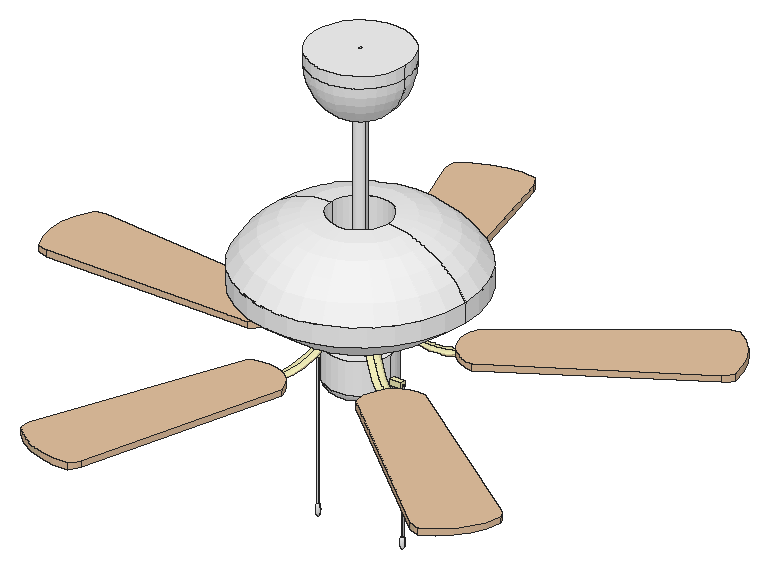
Revit family "Ceiling-Fan_Residential", category Mechanical Equipment, host Ceiling, Revit 2026 (continued)
Automatic sketch dimensions
  Extrusion 28 sketch curve to Extrusion 28 sketch curve = 0' - 1.49917"
  Extrusion 28 sketch curve to Extrusion 28 sketch curve = 0' - 1.69687"
  Extrusion 28 sketch curve to Extrusion 28 sketch curve = 0' - 0.25882"
  Extrusion 28 sketch curve to Extrusion 28 sketch curve = 0' - 0.80572"
  Extrusion 28 sketch curve to Extrusion 28 sketch curve = 0' - 1.54971"
  Extrusion 28 sketch curve to Extrusion 28 sketch curve = 0' - 2.51413"
  Extrusion 28 sketch curve to Extrusion 28 sketch curve = 0' - 1.45029"
  Extrusion 29 sketch curve to Extrusion 29 sketch curve = 0' - 0"  (x3)
  Extrusion 29 sketch curve to Extrusion 29 sketch curve = 0' - 3.73676"
  Extrusion 29 sketch curve to Extrusion 29 sketch curve = 0' - 0.51545"  (x2)
  Extrusion 29 sketch curve to Extrusion 29 sketch curve = 0' - 0.10774"  (x2)
  Extrusion 29 sketch curve to Extrusion 29 sketch curve = 0' - 0.13401"
  Extrusion 29 sketch curve to Extrusion 29 sketch curve = 0' - 0.2174"  (x2)
  Extrusion 29 sketch curve to Extrusion 29 sketch curve = 0' - 0.19724"  (x2)
  Extrusion 29 sketch curve to Extrusion 29 sketch curve = 0' - 0.24955"  (x2)
  Extrusion 29 sketch curve to Extrusion 29 sketch curve = 0' - 0.28841"
  Extrusion 29 sketch curve to Extrusion 29 sketch curve = 0' - 0.29241"  (x2)
  Extrusion 29 sketch curve to Extrusion 29 sketch curve = 0' - 0.39545"
  Extrusion 29 sketch curve to Extrusion 29 sketch curve = 0' - 0.53533"
  Extrusion 29 sketch curve to Extrusion 29 sketch curve = 0' - 0.55751"
  Extrusion 29 sketch curve to Extrusion 29 sketch curve = 0' - 0.43587"
  Extrusion 29 sketch curve to Extrusion 29 sketch curve = 0' - 0.82225"
  Extrusion 29 sketch curve to Extrusion 29 sketch curve = 0' - 0.82378"
  Extrusion 29 sketch curve to Extrusion 29 sketch curve = 0' - 0.4251"
  Extrusion 29 sketch curve to Extrusion 29 sketch curve = 0' - 0.42664"
  Extrusion 29 sketch curve to Extrusion 29 sketch curve = 1' - 8.8809"
  Extrusion 29 sketch curve to Extrusion 29 sketch curve = 0' - 8.92457"
  Extrusion 29 sketch curve to Extrusion 29 sketch curve = 0' - 0.19469"
  Extrusion 29 sketch curve to Extrusion 29 sketch curve = 0' - 0.28395"
  Extrusion 29 sketch curve to Extrusion 29 sketch curve = 0' - 0.58905"
  Extrusion 29 sketch curve to Extrusion 29 sketch curve = 0' - 0.3598"
  Extrusion 29 sketch curve to Extrusion 29 sketch curve = 0' - 0.82935"
  Extrusion 29 sketch curve to Extrusion 29 sketch curve = 0' - 0.76103"
  Extrusion 29 sketch curve to Extrusion 29 sketch curve = 0' - 0.00067"
  Extrusion 29 sketch curve to Extrusion 29 sketch curve = 0' - 0.34414"
  Sweep 30 sketch curve to Sweep 30 sketch curve = 0' - 0.84213"
  Sweep 30 sketch curve to Sweep 30 sketch curve = 0' - 5.06505"
  Sweep 30 sketch curve to Sweep 30 sketch curve = 0' - 5.17371"
  Sweep 30 sketch curve to profile plane = 0' - 0"  (x2)
  profile plane to Sweep 30 sketch curve = 0' - 0.12404"
  Extrusion 31 sketch curve to Extrusion 31 sketch curve = 0' - 0"
  Extrusion 31 sketch curve to Extrusion 31 sketch curve = 0' - 0 29/32"  (x2)
  Extrusion 31 sketch curve to Extrusion 31 sketch curve = 0' - 0.96593"  (x2)
  Extrusion 31 sketch curve to Extrusion 31 sketch curve = 0' - 4.71441"
  Extrusion 31 sketch curve to Extrusion 31 sketch curve = 1' - 4.9189"
  Extrusion 31 sketch curve to Extrusion 31 sketch curve = 0' - 1.49917"
  Extrusion 31 sketch curve to Extrusion 31 sketch curve = 0' - 1.69687"
  Extrusion 31 sketch curve to Extrusion 31 sketch curve = 0' - 0.25882"
  Extrusion 31 sketch curve to Extrusion 31 sketch curve = 0' - 0.80572"
  Extrusion 31 sketch curve to Extrusion 31 sketch curve = 0' - 1.54971"
  Extrusion 31 sketch curve to Extrusion 31 sketch curve = 0' - 2.51413"
  Extrusion 31 sketch curve to Extrusion 31 sketch curve = 0' - 1.45029"
  Extrusion 32 sketch curve to Extrusion 32 sketch curve = 0' - 0"  (x3)
  Extrusion 32 sketch curve to Extrusion 32 sketch curve = 0' - 3.73676"
  Extrusion 32 sketch curve to Extrusion 32 sketch curve = 0' - 0.51545"  (x2)
  Extrusion 32 sketch curve to Extrusion 32 sketch curve = 0' - 0.10774"  (x2)
  Extrusion 32 sketch curve to Extrusion 32 sketch curve = 0' - 0.13401"
  Extrusion 32 sketch curve to Extrusion 32 sketch curve = 0' - 0.2174"  (x2)
  Extrusion 32 sketch curve to Extrusion 32 sketch curve = 0' - 0.19724"  (x2)
  Extrusion 32 sketch curve to Extrusion 32 sketch curve = 0' - 0.24955"  (x2)
  Extrusion 32 sketch curve to Extrusion 32 sketch curve = 0' - 0.28841"
  Extrusion 32 sketch curve to Extrusion 32 sketch curve = 0' - 0.29241"  (x2)
  Extrusion 32 sketch curve to Extrusion 32 sketch curve = 0' - 0.39545"
  Extrusion 32 sketch curve to Extrusion 32 sketch curve = 0' - 0.53533"
  Extrusion 32 sketch curve to Extrusion 32 sketch curve = 0' - 0.55751"
  Extrusion 32 sketch curve to Extrusion 32 sketch curve = 0' - 0.43587"
  Extrusion 32 sketch curve to Extrusion 32 sketch curve = 0' - 0.82225"
  Extrusion 32 sketch curve to Extrusion 32 sketch curve = 0' - 0.82378"
  Extrusion 32 sketch curve to Extrusion 32 sketch curve = 0' - 0.4251"
  Extrusion 32 sketch curve to Extrusion 32 sketch curve = 0' - 0.42664"
  Extrusion 32 sketch curve to Extrusion 32 sketch curve = 1' - 8.8809"
  Extrusion 32 sketch curve to Extrusion 32 sketch curve = 0' - 8.92457"
  Extrusion 32 sketch curve to Extrusion 32 sketch curve = 0' - 0.19469"
  Extrusion 32 sketch curve to Extrusion 32 sketch curve = 0' - 0.28395"
  Extrusion 32 sketch curve to Extrusion 32 sketch curve = 0' - 0.58905"
  Extrusion 32 sketch curve to Extrusion 32 sketch curve = 0' - 0.3598"
  Extrusion 32 sketch curve to Extrusion 32 sketch curve = 0' - 0.82935"
  Extrusion 32 sketch curve to Extrusion 32 sketch curve = 0' - 0.76103"
  Extrusion 32 sketch curve to Extrusion 32 sketch curve = 0' - 0.00067"
  Extrusion 32 sketch curve to Extrusion 32 sketch curve = 0' - 0.34414"
  Sweep 33 sketch curve to Sweep 33 sketch curve = 0' - 0.84213"
  Sweep 33 sketch curve to Sweep 33 sketch curve = 0' - 5.06505"
  Sweep 33 sketch curve to Sweep 33 sketch curve = 0' - 5.17371"
  Sweep 33 sketch curve to profile plane = 0' - 0"  (x2)
  profile plane to Sweep 33 sketch curve = 0' - 0.12404"
  Extrusion 34 sketch curve to Extrusion 34 sketch curve = 0' - 0"
  Extrusion 34 sketch curve to Extrusion 34 sketch curve = 0' - 0 29/32"  (x2)
  Extrusion 34 sketch curve to Extrusion 34 sketch curve = 0' - 0.96593"  (x2)
  Extrusion 34 sketch curve to Extrusion 34 sketch curve = 0' - 4.71441"
  Extrusion 34 sketch curve to Extrusion 34 sketch curve = 1' - 4.9189"
  Extrusion 34 sketch curve to Extrusion 34 sketch curve = 0' - 1.49917"
  Extrusion 34 sketch curve to Extrusion 34 sketch curve = 0' - 1.69687"
  Extrusion 34 sketch curve to Extrusion 34 sketch curve = 0' - 0.25882"
  Extrusion 34 sketch curve to Extrusion 34 sketch curve = 0' - 0.80572"
  Extrusion 34 sketch curve to Extrusion 34 sketch curve = 0' - 1.54971"
  Extrusion 34 sketch curve to Extrusion 34 sketch curve = 0' - 2.51413"
  Extrusion 34 sketch curve to Extrusion 34 sketch curve = 0' - 1.45029"
  Extrusion 35 sketch curve to Extrusion 35 sketch curve = 0' - 0"  (x3)
  Extrusion 35 sketch curve to Extrusion 35 sketch curve = 0' - 3.73676"
  Extrusion 35 sketch curve to Extrusion 35 sketch curve = 0' - 0.51545"  (x2)
  Extrusion 35 sketch curve to Extrusion 35 sketch curve = 0' - 0.10774"  (x2)
  Extrusion 35 sketch curve to Extrusion 35 sketch curve = 0' - 0.13401"
  Extrusion 35 sketch curve to Extrusion 35 sketch curve = 0' - 0.2174"  (x2)
  Extrusion 35 sketch curve to Extrusion 35 sketch curve = 0' - 0.19724"  (x2)
  Extrusion 35 sketch curve to Extrusion 35 sketch curve = 0' - 0.24955"  (x2)
  Extrusion 35 sketch curve to Extrusion 35 sketch curve = 0' - 0.28841"
  Extrusion 35 sketch curve to Extrusion 35 sketch curve = 0' - 0.29241"  (x2)
  Extrusion 35 sketch curve to Extrusion 35 sketch curve = 0' - 0.39545"
  Extrusion 35 sketch curve to Extrusion 35 sketch curve = 0' - 0.53533"
  Extrusion 35 sketch curve to Extrusion 35 sketch curve = 0' - 0.55751"
  Extrusion 35 sketch curve to Extrusion 35 sketch curve = 0' - 0.43587"
  Extrusion 35 sketch curve to Extrusion 35 sketch curve = 0' - 0.82225"
  Extrusion 35 sketch curve to Extrusion 35 sketch curve = 0' - 0.82378"
  Extrusion 35 sketch curve to Extrusion 35 sketch curve = 0' - 0.4251"
  Extrusion 35 sketch curve to Extrusion 35 sketch curve = 0' - 0.42664"
  Extrusion 35 sketch curve to Extrusion 35 sketch curve = 1' - 8.8809"
  Extrusion 35 sketch curve to Extrusion 35 sketch curve = 0' - 8.92457"
  Extrusion 35 sketch curve to Extrusion 35 sketch curve = 0' - 0.19469"
  Extrusion 35 sketch curve to Extrusion 35 sketch curve = 0' - 0.28395"
  Extrusion 35 sketch curve to Extrusion 35 sketch curve = 0' - 0.58905"
  Extrusion 35 sketch curve to Extrusion 35 sketch curve = 0' - 0.3598"
  Extrusion 35 sketch curve to Extrusion 35 sketch curve = 0' - 0.82935"
  Extrusion 35 sketch curve to Extrusion 35 sketch curve = 0' - 0.76103"
  Extrusion 35 sketch curve to Extrusion 35 sketch curve = 0' - 0.00067"
  Extrusion 35 sketch curve to Extrusion 35 sketch curve = 0' - 0.34414"
  Sweep 36 sketch curve to Sweep 36 sketch curve = 0' - 0.84213"
  Sweep 36 sketch curve to Sweep 36 sketch curve = 0' - 5.06505"
  Sweep 36 sketch curve to Sweep 36 sketch curve = 0' - 5.17371"
  Sweep 36 sketch curve to profile plane = 0' - 0"  (x2)
  profile plane to Sweep 36 sketch curve = 0' - 0.12404"
  Extrusion 37 sketch curve to Extrusion 37 sketch curve = 0' - 0"
  Extrusion 37 sketch curve to Extrusion 37 sketch curve = 0' - 0 29/32"  (x2)
  Extrusion 37 sketch curve to Extrusion 37 sketch curve = 0' - 0.96593"  (x2)
  Extrusion 37 sketch curve to Extrusion 37 sketch curve = 0' - 4.71441"
  Extrusion 37 sketch curve to Extrusion 37 sketch curve = 1' - 4.9189"
  Extrusion 37 sketch curve to Extrusion 37 sketch curve = 0' - 1.49917"
  Extrusion 37 sketch curve to Extrusion 37 sketch curve = 0' - 1.69687"
  Extrusion 37 sketch curve to Extrusion 37 sketch curve = 0' - 0.25882"
  Extrusion 37 sketch curve to Extrusion 37 sketch curve = 0' - 0.80572"
  Extrusion 37 sketch curve to Extrusion 37 sketch curve = 0' - 1.54971"
  Extrusion 37 sketch curve to Extrusion 37 sketch curve = 0' - 2.51413"
  Extrusion 37 sketch curve to Extrusion 37 sketch curve = 0' - 1.45029"
  Extrusion 38 sketch curve to Extrusion 38 sketch curve = 0' - 0"  (x3)
  Extrusion 38 sketch curve to Extrusion 38 sketch curve = 0' - 3.73676"
  Extrusion 38 sketch curve to Extrusion 38 sketch curve = 0' - 0.51545"  (x2)
  Extrusion 38 sketch curve to Extrusion 38 sketch curve = 0' - 0.10774"  (x2)
  Extrusion 38 sketch curve to Extrusion 38 sketch curve = 0' - 0.13401"
  Extrusion 38 sketch curve to Extrusion 38 sketch curve = 0' - 0.2174"  (x2)
  Extrusion 38 sketch curve to Extrusion 38 sketch curve = 0' - 0.19724"  (x2)
  Extrusion 38 sketch curve to Extrusion 38 sketch curve = 0' - 0.24955"  (x2)
  Extrusion 38 sketch curve to Extrusion 38 sketch curve = 0' - 0.28841"
  Extrusion 38 sketch curve to Extrusion 38 sketch curve = 0' - 0.29241"  (x2)
  Extrusion 38 sketch curve to Extrusion 38 sketch curve = 0' - 0.39545"
  Extrusion 38 sketch curve to Extrusion 38 sketch curve = 0' - 0.53533"
  Extrusion 38 sketch curve to Extrusion 38 sketch curve = 0' - 0.55751"
  Extrusion 38 sketch curve to Extrusion 38 sketch curve = 0' - 0.43587"
  Extrusion 38 sketch curve to Extrusion 38 sketch curve = 0' - 0.82225"
  Extrusion 38 sketch curve to Extrusion 38 sketch curve = 0' - 0.82378"
  Extrusion 38 sketch curve to Extrusion 38 sketch curve = 0' - 0.4251"
  Extrusion 38 sketch curve to Extrusion 38 sketch curve = 0' - 0.42664"
  Extrusion 38 sketch curve to Extrusion 38 sketch curve = 1' - 8.8809"
  Extrusion 38 sketch curve to Extrusion 38 sketch curve = 0' - 8.92457"
  Extrusion 38 sketch curve to Extrusion 38 sketch curve = 0' - 0.19469"
  Extrusion 38 sketch curve to Extrusion 38 sketch curve = 0' - 0.28395"
  Extrusion 38 sketch curve to Extrusion 38 sketch curve = 0' - 0.58905"
  Extrusion 38 sketch curve to Extrusion 38 sketch curve = 0' - 0.3598"
  Extrusion 38 sketch curve to Extrusion 38 sketch curve = 0' - 0.82935"
  Extrusion 38 sketch curve to Extrusion 38 sketch curve = 0' - 0.76103"
  Extrusion 38 sketch curve to Extrusion 38 sketch curve = 0' - 0.00067"
  Extrusion 38 sketch curve to Extrusion 38 sketch curve = 0' - 0.34414"
  Sweep 39 sketch curve to Sweep 39 sketch curve = 0' - 0.84213"
  Sweep 39 sketch curve to Sweep 39 sketch curve = 0' - 5.06505"
  Sweep 39 sketch curve to Sweep 39 sketch curve = 0' - 5.17371"
  Sweep 39 sketch curve to profile plane = 0' - 0"  (x2)
  profile plane to Sweep 39 sketch curve = 0' - 0.12404"
  Extrusion 40 sketch curve to Extrusion 40 sketch curve = 0' - 0"
  Extrusion 40 sketch curve to Extrusion 40 sketch curve = 0' - 0 29/32"  (x2)
  Extrusion 40 sketch curve to Extrusion 40 sketch curve = 0' - 0.96593"  (x2)
  Extrusion 40 sketch curve to Extrusion 40 sketch curve = 0' - 4.71441"
  Extrusion 40 sketch curve to Extrusion 40 sketch curve = 1' - 4.9189"
  Extrusion 40 sketch curve to Extrusion 40 sketch curve = 0' - 1.49917"
  Extrusion 40 sketch curve to Extrusion 40 sketch curve = 0' - 1.69687"
  Extrusion 40 sketch curve to Extrusion 40 sketch curve = 0' - 0.25882"
  Extrusion 40 sketch curve to Extrusion 40 sketch curve = 0' - 0.80572"
  Extrusion 40 sketch curve to Extrusion 40 sketch curve = 0' - 1.54971"
  Extrusion 40 sketch curve to Extrusion 40 sketch curve = 0' - 2.51413"
  Extrusion 40 sketch curve to Extrusion 40 sketch curve = 0' - 1.45029"
  Extrusion 41 sketch curve to Extrusion 41 sketch curve = 0' - 0"  (x3)
  Extrusion 41 sketch curve to Extrusion 41 sketch curve = 0' - 3.73676"
  Extrusion 41 sketch curve to Extrusion 41 sketch curve = 0' - 0.51545"  (x2)
  Extrusion 41 sketch curve to Extrusion 41 sketch curve = 0' - 0.10774"  (x2)
  Extrusion 41 sketch curve to Extrusion 41 sketch curve = 0' - 0.13401"
  Extrusion 41 sketch curve to Extrusion 41 sketch curve = 0' - 0.2174"  (x2)
  Extrusion 41 sketch curve to Extrusion 41 sketch curve = 0' - 0.19724"  (x2)
  Extrusion 41 sketch curve to Extrusion 41 sketch curve = 0' - 0.24955"  (x2)
  Extrusion 41 sketch curve to Extrusion 41 sketch curve = 0' - 0.28841"
  Extrusion 41 sketch curve to Extrusion 41 sketch curve = 0' - 0.29241"  (x2)
  Extrusion 41 sketch curve to Extrusion 41 sketch curve = 0' - 0.39545"
  Extrusion 41 sketch curve to Extrusion 41 sketch curve = 0' - 0.53533"
  Extrusion 41 sketch curve to Extrusion 41 sketch curve = 0' - 0.55751"
  Extrusion 41 sketch curve to Extrusion 41 sketch curve = 0' - 0.43587"
  Extrusion 41 sketch curve to Extrusion 41 sketch curve = 0' - 0.82225"
  Extrusion 41 sketch curve to Extrusion 41 sketch curve = 0' - 0.82378"
  Extrusion 41 sketch curve to Extrusion 41 sketch curve = 0' - 0.4251"
  Extrusion 41 sketch curve to Extrusion 41 sketch curve = 0' - 0.42664"
  Extrusion 41 sketch curve to Extrusion 41 sketch curve = 1' - 8.8809"
  Extrusion 41 sketch curve to Extrusion 41 sketch curve = 0' - 8.92457"
  Extrusion 41 sketch curve to Extrusion 41 sketch curve = 0' - 0.19469"
  Extrusion 41 sketch curve to Extrusion 41 sketch curve = 0' - 0.28395"
  Extrusion 41 sketch curve to Extrusion 41 sketch curve = 0' - 0.58905"
  Extrusion 41 sketch curve to Extrusion 41 sketch curve = 0' - 0.3598"
  Extrusion 41 sketch curve to Extrusion 41 sketch curve = 0' - 0.82935"
  Extrusion 41 sketch curve to Extrusion 41 sketch curve = 0' - 0.76103"
  Extrusion 41 sketch curve to Extrusion 41 sketch curve = 0' - 0.00067"
  Extrusion 41 sketch curve to Extrusion 41 sketch curve = 0' - 0.34414"
  Sweep 42 sketch curve to Sweep 42 sketch curve = 0' - 0.84213"
  Sweep 42 sketch curve to Sweep 42 sketch curve = 0' - 5.06505"
  Sweep 42 sketch curve to Sweep 42 sketch curve = 0' - 5.17371"
  Sweep 42 sketch curve to profile plane = 0' - 0"  (x2)
  profile plane to Sweep 42 sketch curve = 0' - 0.12404"
  profile plane to Sweep 43 sketch curve = 5' - 11.5696"
  Extrusion 45 sketch curve to Extrusion 45 sketch curve = 0' - 2.74091"
  Extrusion 45 sketch curve to Extrusion 45 sketch curve = 0' - 0"
  Extrusion 45 sketch curve to Extrusion 45 sketch curve = 0' - 0.22336"
  Extrusion 48 sketch curve to Extrusion 48 sketch curve = 0' - 2.74091"
  Extrusion 48 sketch curve to Extrusion 48 sketch curve = 0' - 0"
  Extrusion 48 sketch curve to Extrusion 48 sketch curve = 0' - 0.22336"
  Extrusion 51 sketch curve to Extrusion 51 sketch curve = 0' - 0"
  Extrusion 51 sketch curve to Extrusion 51 sketch curve = 0' - 0 29/32"  (x2)
  Extrusion 51 sketch curve to Extrusion 51 sketch curve = 0' - 0.96593"  (x2)
  Extrusion 51 sketch curve to Extrusion 51 sketch curve = 0' - 4.71441"
  Extrusion 51 sketch curve to Extrusion 51 sketch curve = 1' - 4.9189"
  Extrusion 51 sketch curve to Extrusion 51 sketch curve = 0' - 1.49917"
  Extrusion 51 sketch curve to Extrusion 51 sketch curve = 0' - 1.69687"
  Extrusion 51 sketch curve to Extrusion 51 sketch curve = 0' - 0.25882"
  Extrusion 51 sketch curve to Extrusion 51 sketch curve = 0' - 0.80572"
  Extrusion 51 sketch curve to Extrusion 51 sketch curve = 0' - 1.54971"
  Extrusion 51 sketch curve to Extrusion 51 sketch curve = 0' - 2.51413"
  Extrusion 51 sketch curve to Extrusion 51 sketch curve = 0' - 1.45029"
  Extrusion 52 sketch curve to Extrusion 52 sketch curve = 0' - 0"  (x3)
  Extrusion 52 sketch curve to Extrusion 52 sketch curve = 0' - 3.73676"
  Extrusion 52 sketch curve to Extrusion 52 sketch curve = 0' - 0.51545"  (x2)
  Extrusion 52 sketch curve to Extrusion 52 sketch curve = 0' - 0.10774"  (x2)
  Extrusion 52 sketch curve to Extrusion 52 sketch curve = 0' - 0.13401"
  Extrusion 52 sketch curve to Extrusion 52 sketch curve = 0' - 0.2174"  (x2)
  Extrusion 52 sketch curve to Extrusion 52 sketch curve = 0' - 0.19724"  (x2)
  Extrusion 52 sketch curve to Extrusion 52 sketch curve = 0' - 0.24955"  (x2)
  Extrusion 52 sketch curve to Extrusion 52 sketch curve = 0' - 0.28841"
  Extrusion 52 sketch curve to Extrusion 52 sketch curve = 0' - 0.29241"  (x2)
  Extrusion 52 sketch curve to Extrusion 52 sketch curve = 0' - 0.39545"
  Extrusion 52 sketch curve to Extrusion 52 sketch curve = 0' - 0.53533"
  Extrusion 52 sketch curve to Extrusion 52 sketch curve = 0' - 0.55751"
  Extrusion 52 sketch curve to Extrusion 52 sketch curve = 0' - 0.43587"
  Extrusion 52 sketch curve to Extrusion 52 sketch curve = 0' - 0.82225"
  Extrusion 52 sketch curve to Extrusion 52 sketch curve = 0' - 0.82378"
  Extrusion 52 sketch curve to Extrusion 52 sketch curve = 0' - 0.4251"
  Extrusion 52 sketch curve to Extrusion 52 sketch curve = 0' - 0.42664"
  Extrusion 52 sketch curve to Extrusion 52 sketch curve = 1' - 8.8809"
  Extrusion 52 sketch curve to Extrusion 52 sketch curve = 0' - 8.92457"
  Extrusion 52 sketch curve to Extrusion 52 sketch curve = 0' - 0.19469"
  Extrusion 52 sketch curve to Extrusion 52 sketch curve = 0' - 0.28395"
  Extrusion 52 sketch curve to Extrusion 52 sketch curve = 0' - 0.58905"
  Extrusion 52 sketch curve to Extrusion 52 sketch curve = 0' - 0.3598"
  Extrusion 52 sketch curve to Extrusion 52 sketch curve = 0' - 0.82935"
  Extrusion 52 sketch curve to Extrusion 52 sketch curve = 0' - 0.76103"
  Extrusion 52 sketch curve to Extrusion 52 sketch curve = 0' - 0.00067"
  Extrusion 52 sketch curve to Extrusion 52 sketch curve = 0' - 0.34414"
  Sweep 53 sketch curve to Sweep 53 sketch curve = 0' - 0.84213"
  Sweep 53 sketch curve to Sweep 53 sketch curve = 0' - 5.06505"
  Sweep 53 sketch curve to Sweep 53 sketch curve = 0' - 5.17371"
  Sweep 53 sketch curve to profile plane = 0' - 0"  (x2)
  profile plane to Sweep 53 sketch curve = 0' - 0.12404"
  Extrusion 54 sketch curve to Extrusion 54 sketch curve = 0' - 0"
  Extrusion 54 sketch curve to Extrusion 54 sketch curve = 0' - 0 29/32"  (x2)
  Extrusion 54 sketch curve to Extrusion 54 sketch curve = 0' - 0.96593"  (x2)
  Extrusion 54 sketch curve to Extrusion 54 sketch curve = 0' - 4.71441"
  Extrusion 54 sketch curve to Extrusion 54 sketch curve = 1' - 4.9189"
  Extrusion 54 sketch curve to Extrusion 54 sketch curve = 0' - 1.49917"
  Extrusion 54 sketch curve to Extrusion 54 sketch curve = 0' - 1.69687"
  Extrusion 54 sketch curve to Extrusion 54 sketch curve = 0' - 0.25882"
  Extrusion 54 sketch curve to Extrusion 54 sketch curve = 0' - 0.80572"
  Extrusion 54 sketch curve to Extrusion 54 sketch curve = 0' - 1.54971"
  Extrusion 54 sketch curve to Extrusion 54 sketch curve = 0' - 2.51413"
  Extrusion 54 sketch curve to Extrusion 54 sketch curve = 0' - 1.45029"
  Extrusion 55 sketch curve to Extrusion 55 sketch curve = 0' - 0"  (x3)
  Extrusion 55 sketch curve to Extrusion 55 sketch curve = 0' - 3.73676"
  Extrusion 55 sketch curve to Extrusion 55 sketch curve = 0' - 0.51545"  (x2)
  Extrusion 55 sketch curve to Extrusion 55 sketch curve = 0' - 0.10774"  (x2)
  Extrusion 55 sketch curve to Extrusion 55 sketch curve = 0' - 0.13401"
  Extrusion 55 sketch curve to Extrusion 55 sketch curve = 0' - 0.2174"  (x2)
  Extrusion 55 sketch curve to Extrusion 55 sketch curve = 0' - 0.19724"  (x2)
  Extrusion 55 sketch curve to Extrusion 55 sketch curve = 0' - 0.24955"  (x2)
  Extrusion 55 sketch curve to Extrusion 55 sketch curve = 0' - 0.28841"
  Extrusion 55 sketch curve to Extrusion 55 sketch curve = 0' - 0.29241"  (x2)
  Extrusion 55 sketch curve to Extrusion 55 sketch curve = 0' - 0.39545"
  Extrusion 55 sketch curve to Extrusion 55 sketch curve = 0' - 0.53533"
  Extrusion 55 sketch curve to Extrusion 55 sketch curve = 0' - 0.55751"
  Extrusion 55 sketch curve to Extrusion 55 sketch curve = 0' - 0.43587"
  Extrusion 55 sketch curve to Extrusion 55 sketch curve = 0' - 0.82225"
  Extrusion 55 sketch curve to Extrusion 55 sketch curve = 0' - 0.82378"
  Extrusion 55 sketch curve to Extrusion 55 sketch curve = 0' - 0.4251"
  Extrusion 55 sketch curve to Extrusion 55 sketch curve = 0' - 0.42664"
  Extrusion 55 sketch curve to Extrusion 55 sketch curve = 1' - 8.8809"
  Extrusion 55 sketch curve to Extrusion 55 sketch curve = 0' - 8.92457"
  Extrusion 55 sketch curve to Extrusion 55 sketch curve = 0' - 0.19469"
  Extrusion 55 sketch curve to Extrusion 55 sketch curve = 0' - 0.28395"
  Extrusion 55 sketch curve to Extrusion 55 sketch curve = 0' - 0.58905"
  Extrusion 55 sketch curve to Extrusion 55 sketch curve = 0' - 0.3598"
  Extrusion 55 sketch curve to Extrusion 55 sketch curve = 0' - 0.82935"
  Extrusion 55 sketch curve to Extrusion 55 sketch curve = 0' - 0.76103"
  Extrusion 55 sketch curve to Extrusion 55 sketch curve = 0' - 0.00067"
  Extrusion 55 sketch curve to Extrusion 55 sketch curve = 0' - 0.34414"
  Sweep 56 sketch curve to Sweep 56 sketch curve = 0' - 0.84213"
  Sweep 56 sketch curve to Sweep 56 sketch curve = 0' - 5.06505"
  Sweep 56 sketch curve to Sweep 56 sketch curve = 0' - 5.17371"
  Sweep 56 sketch curve to profile plane = 0' - 0"  (x2)
  profile plane to Sweep 56 sketch curve = 0' - 0.12404"
  Extrusion 57 sketch curve to Extrusion 57 sketch curve = 0' - 0"
  Extrusion 57 sketch curve to Extrusion 57 sketch curve = 0' - 0 29/32"  (x2)
  Extrusion 57 sketch curve to Extrusion 57 sketch curve = 0' - 0.96593"  (x2)
  Extrusion 57 sketch curve to Extrusion 57 sketch curve = 0' - 4.71441"
  Extrusion 57 sketch curve to Extrusion 57 sketch curve = 1' - 4.9189"
  Extrusion 57 sketch curve to Extrusion 57 sketch curve = 0' - 1.49917"
  Extrusion 57 sketch curve to Extrusion 57 sketch curve = 0' - 1.69687"
  Extrusion 57 sketch curve to Extrusion 57 sketch curve = 0' - 0.25882"
  Extrusion 57 sketch curve to Extrusion 57 sketch curve = 0' - 0.80572"
  Extrusion 57 sketch curve to Extrusion 57 sketch curve = 0' - 1.54971"
  Extrusion 57 sketch curve to Extrusion 57 sketch curve = 0' - 2.51413"
  Extrusion 57 sketch curve to Extrusion 57 sketch curve = 0' - 1.45029"
  Extrusion 58 sketch curve to Extrusion 58 sketch curve = 0' - 0"  (x3)
  Extrusion 58 sketch curve to Extrusion 58 sketch curve = 0' - 3.73676"
  Extrusion 58 sketch curve to Extrusion 58 sketch curve = 0' - 0.51545"  (x2)
  Extrusion 58 sketch curve to Extrusion 58 sketch curve = 0' - 0.10774"  (x2)
  Extrusion 58 sketch curve to Extrusion 58 sketch curve = 0' - 0.13401"
  Extrusion 58 sketch curve to Extrusion 58 sketch curve = 0' - 0.2174"  (x2)
  Extrusion 58 sketch curve to Extrusion 58 sketch curve = 0' - 0.19724"  (x2)
  Extrusion 58 sketch curve to Extrusion 58 sketch curve = 0' - 0.24955"  (x2)
  Extrusion 58 sketch curve to Extrusion 58 sketch curve = 0' - 0.28841"
  Extrusion 58 sketch curve to Extrusion 58 sketch curve = 0' - 0.29241"  (x2)
  Extrusion 58 sketch curve to Extrusion 58 sketch curve = 0' - 0.39545"
  Extrusion 58 sketch curve to Extrusion 58 sketch curve = 0' - 0.53533"
  Extrusion 58 sketch curve to Extrusion 58 sketch curve = 0' - 0.55751"
  Extrusion 58 sketch curve to Extrusion 58 sketch curve = 0' - 0.43587"
  Extrusion 58 sketch curve to Extrusion 58 sketch curve = 0' - 0.82225"
  Extrusion 58 sketch curve to Extrusion 58 sketch curve = 0' - 0.82378"
  Extrusion 58 sketch curve to Extrusion 58 sketch curve = 0' - 0.4251"
  Extrusion 58 sketch curve to Extrusion 58 sketch curve = 0' - 0.42664"
  Extrusion 58 sketch curve to Extrusion 58 sketch curve = 1' - 8.8809"
  Extrusion 58 sketch curve to Extrusion 58 sketch curve = 0' - 8.92457"
  Extrusion 58 sketch curve to Extrusion 58 sketch curve = 0' - 0.19469"
  Extrusion 58 sketch curve to Extrusion 58 sketch curve = 0' - 0.28395"
  Extrusion 58 sketch curve to Extrusion 58 sketch curve = 0' - 0.58905"
  Extrusion 58 sketch curve to Extrusion 58 sketch curve = 0' - 0.3598"
  Extrusion 58 sketch curve to Extrusion 58 sketch curve = 0' - 0.82935"
  Extrusion 58 sketch curve to Extrusion 58 sketch curve = 0' - 0.76103"
  Extrusion 58 sketch curve to Extrusion 58 sketch curve = 0' - 0.00067"
  Extrusion 58 sketch curve to Extrusion 58 sketch curve = 0' - 0.34414"
  Sweep 59 sketch curve to Sweep 59 sketch curve = 0' - 0.84213"
  Sweep 59 sketch curve to Sweep 59 sketch curve = 0' - 5.06505"
  Sweep 59 sketch curve to Sweep 59 sketch curve = 0' - 5.17371"
  Sweep 59 sketch curve to profile plane = 0' - 0"  (x2)
  profile plane to Sweep 59 sketch curve = 0' - 0.12404"
  Extrusion 60 sketch curve to Extrusion 60 sketch curve = 0' - 0"
  Extrusion 60 sketch curve to Extrusion 60 sketch curve = 0' - 0 29/32"  (x2)
  Extrusion 60 sketch curve to Extrusion 60 sketch curve = 0' - 0.96593"  (x2)
  Extrusion 60 sketch curve to Extrusion 60 sketch curve = 0' - 4.71441"
  Extrusion 60 sketch curve to Extrusion 60 sketch curve = 1' - 4.9189"
  Extrusion 60 sketch curve to Extrusion 60 sketch curve = 0' - 1.49917"
  Extrusion 60 sketch curve to Extrusion 60 sketch curve = 0' - 1.69687"
  Extrusion 60 sketch curve to Extrusion 60 sketch curve = 0' - 0.25882"
  Extrusion 60 sketch curve to Extrusion 60 sketch curve = 0' - 0.80572"
  Extrusion 60 sketch curve to Extrusion 60 sketch curve = 0' - 1.54971"
  Extrusion 60 sketch curve to Extrusion 60 sketch curve = 0' - 2.51413"
  Extrusion 60 sketch curve to Extrusion 60 sketch curve = 0' - 1.45029"
  Extrusion 61 sketch curve to Extrusion 61 sketch curve = 0' - 0"  (x3)
  Extrusion 61 sketch curve to Extrusion 61 sketch curve = 0' - 3.73676"
  Extrusion 61 sketch curve to Extrusion 61 sketch curve = 0' - 0.51545"  (x2)
  Extrusion 61 sketch curve to Extrusion 61 sketch curve = 0' - 0.10774"  (x2)
  Extrusion 61 sketch curve to Extrusion 61 sketch curve = 0' - 0.13401"
  Extrusion 61 sketch curve to Extrusion 61 sketch curve = 0' - 0.2174"  (x2)
  Extrusion 61 sketch curve to Extrusion 61 sketch curve = 0' - 0.19724"  (x2)
  Extrusion 61 sketch curve to Extrusion 61 sketch curve = 0' - 0.24955"  (x2)
  Extrusion 61 sketch curve to Extrusion 61 sketch curve = 0' - 0.28841"
  Extrusion 61 sketch curve to Extrusion 61 sketch curve = 0' - 0.29241"  (x2)
  Extrusion 61 sketch curve to Extrusion 61 sketch curve = 0' - 0.39545"
  Extrusion 61 sketch curve to Extrusion 61 sketch curve = 0' - 0.53533"
  Extrusion 61 sketch curve to Extrusion 61 sketch curve = 0' - 0.55751"
  Extrusion 61 sketch curve to Extrusion 61 sketch curve = 0' - 0.43587"
  Extrusion 61 sketch curve to Extrusion 61 sketch curve = 0' - 0.82225"
  Extrusion 61 sketch curve to Extrusion 61 sketch curve = 0' - 0.82378"
  Extrusion 61 sketch curve to Extrusion 61 sketch curve = 0' - 0.4251"
  Extrusion 61 sketch curve to Extrusion 61 sketch curve = 0' - 0.42664"
  Extrusion 61 sketch curve to Extrusion 61 sketch curve = 1' - 8.8809"
  Extrusion 61 sketch curve to Extrusion 61 sketch curve = 0' - 8.92457"
  Extrusion 61 sketch curve to Extrusion 61 sketch curve = 0' - 0.19469"
  Extrusion 61 sketch curve to Extrusion 61 sketch curve = 0' - 0.28395"
  Extrusion 61 sketch curve to Extrusion 61 sketch curve = 0' - 0.58905"
  Extrusion 61 sketch curve to Extrusion 61 sketch curve = 0' - 0.3598"
  Extrusion 61 sketch curve to Extrusion 61 sketch curve = 0' - 0.82935"
  Extrusion 61 sketch curve to Extrusion 61 sketch curve = 0' - 0.76103"
  Extrusion 61 sketch curve to Extrusion 61 sketch curve = 0' - 0.00067"
  Extrusion 61 sketch curve to Extrusion 61 sketch curve = 0' - 0.34414"
  Sweep 62 sketch curve to Sweep 62 sketch curve = 0' - 0.84213"
  Sweep 62 sketch curve to Sweep 62 sketch curve = 0' - 5.06505"
  Sweep 62 sketch curve to Sweep 62 sketch curve = 0' - 5.17371"
  Sweep 62 sketch curve to profile plane = 0' - 0"  (x2)
  profile plane to Sweep 62 sketch curve = 0' - 0.12404"
  Extrusion 63 sketch curve to Extrusion 63 sketch curve = 0' - 0"
  Extrusion 63 sketch curve to Extrusion 63 sketch curve = 0' - 0 29/32"  (x2)
  Extrusion 63 sketch curve to Extrusion 63 sketch curve = 0' - 0.96593"  (x2)
  Extrusion 63 sketch curve to Extrusion 63 sketch curve = 0' - 4.71441"
  Extrusion 63 sketch curve to Extrusion 63 sketch curve = 1' - 4.9189"
  Extrusion 63 sketch curve to Extrusion 63 sketch curve = 0' - 1.49917"
  Extrusion 63 sketch curve to Extrusion 63 sketch curve = 0' - 1.69687"
  Extrusion 63 sketch curve to Extrusion 63 sketch curve = 0' - 0.25882"
  Extrusion 63 sketch curve to Extrusion 63 sketch curve = 0' - 0.80572"
  Extrusion 63 sketch curve to Extrusion 63 sketch curve = 0' - 1.54971"
  Extrusion 63 sketch curve to Extrusion 63 sketch curve = 0' - 2.51413"
  Extrusion 63 sketch curve to Extrusion 63 sketch curve = 0' - 1.45029"
  Extrusion 64 sketch curve to Extrusion 64 sketch curve = 0' - 0"  (x3)
  Extrusion 64 sketch curve to Extrusion 64 sketch curve = 0' - 3.73676"
  Extrusion 64 sketch curve to Extrusion 64 sketch curve = 0' - 0.51545"  (x2)
  Extrusion 64 sketch curve to Extrusion 64 sketch curve = 0' - 0.10774"  (x2)
  Extrusion 64 sketch curve to Extrusion 64 sketch curve = 0' - 0.13401"
  Extrusion 64 sketch curve to Extrusion 64 sketch curve = 0' - 0.2174"  (x2)
  Extrusion 64 sketch curve to Extrusion 64 sketch curve = 0' - 0.19724"  (x2)
  Extrusion 64 sketch curve to Extrusion 64 sketch curve = 0' - 0.24955"  (x2)
  Extrusion 64 sketch curve to Extrusion 64 sketch curve = 0' - 0.28841"
  Extrusion 64 sketch curve to Extrusion 64 sketch curve = 0' - 0.29241"  (x2)
  Extrusion 64 sketch curve to Extrusion 64 sketch curve = 0' - 0.39545"
  Extrusion 64 sketch curve to Extrusion 64 sketch curve = 0' - 0.53533"
  Extrusion 64 sketch curve to Extrusion 64 sketch curve = 0' - 0.55751"
  Extrusion 64 sketch curve to Extrusion 64 sketch curve = 0' - 0.43587"
  Extrusion 64 sketch curve to Extrusion 64 sketch curve = 0' - 0.82225"
  Extrusion 64 sketch curve to Extrusion 64 sketch curve = 0' - 0.82378"
  Extrusion 64 sketch curve to Extrusion 64 sketch curve = 0' - 0.4251"
  Extrusion 64 sketch curve to Extrusion 64 sketch curve = 0' - 0.42664"
  Extrusion 64 sketch curve to Extrusion 64 sketch curve = 1' - 8.8809"
  Extrusion 64 sketch curve to Extrusion 64 sketch curve = 0' - 8.92457"
  Extrusion 64 sketch curve to Extrusion 64 sketch curve = 0' - 0.19469"
  Extrusion 64 sketch curve to Extrusion 64 sketch curve = 0' - 0.28395"
  Extrusion 64 sketch curve to Extrusion 64 sketch curve = 0' - 0.58905"
  Extrusion 64 sketch curve to Extrusion 64 sketch curve = 0' - 0.3598"
  Extrusion 64 sketch curve to Extrusion 64 sketch curve = 0' - 0.82935"
  Extrusion 64 sketch curve to Extrusion 64 sketch curve = 0' - 0.76103"
  Extrusion 64 sketch curve to Extrusion 64 sketch curve = 0' - 0.00067"
  Extrusion 64 sketch curve to Extrusion 64 sketch curve = 0' - 0.34414"
  Sweep 65 sketch curve to Sweep 65 sketch curve = 0' - 0.84213"
  Sweep 65 sketch curve to Sweep 65 sketch curve = 0' - 5.06505"
  Sweep 65 sketch curve to Sweep 65 sketch curve = 0' - 5.17371"
  Sweep 65 sketch curve to profile plane = 0' - 0"  (x2)
  profile plane to Sweep 65 sketch curve = 0' - 0.12404"
  profile plane to Sweep 66 sketch curve = 0' - 1.34619"
  Sweep 66 sketch curve to profile plane = 0' - 2 1/4"
  Sweep 66 sketch curve to Sweep 66 sketch curve = 0' - 3 1/4"
  Sweep 66 sketch curve to Sweep 66 sketch curve = 0' - 0.16993"
  Sweep 66 sketch curve to Sweep 66 sketch curve = 0' - 2.61279"
  Sweep 66 sketch curve to Sweep 66 sketch curve = 0' - 1.60841"
  profile plane to Sweep 67 sketch curve = 0' - 0 3/4"
  Sweep 67 sketch curve to profile plane = 0' - 0 1/4"
  Sweep 67 sketch curve to profile plane = 0' - 1 31/32"
  Sweep 67 sketch curve to Sweep 67 sketch curve = 0' - 0 3/4"
  Sweep 67 sketch curve to Sweep 67 sketch curve = 0' - 2.45833"
  Extrusion 69 sketch curve to Extrusion 69 sketch curve = 0' - 1"
  Revolve 71 sketch curve to Revolve 71 sketch curve = 0' - 0"  (x3)
  Revolve 71 sketch curve to Revolve 71 sketch curve = 0' - 0 1/2"
  Extrusion 72 sketch curve to Extrusion 72 sketch curve = 0' - 1"
  Revolve 74 sketch curve to Revolve 74 sketch curve = 0' - 0"  (x3)
  Revolve 74 sketch curve to Revolve 74 sketch curve = 0' - 0 1/2"
  profile plane to Sweep 66 sketch curve = 6' - 5 1/4"
  profile plane to Sweep 67 sketch curve = 5' - 11.5696"
  Extrusion 69 sketch curve to Extrusion 69 sketch curve = 0' - 2.74091"
  Extrusion 69 sketch curve to Extrusion 69 sketch curve = 0' - 0"
  Extrusion 69 sketch curve to Extrusion 69 sketch curve = 0' - 0.22336"
  Extrusion 72 sketch curve to Extrusion 72 sketch curve = 0' - 2.74091"
  Extrusion 72 sketch curve to Extrusion 72 sketch curve = 0' - 0"
  Extrusion 72 sketch curve to Extrusion 72 sketch curve = 0' - 0.22336"
  Extrusion 75 sketch curve to Extrusion 75 sketch curve = 0' - 0"  (x3)
  Extrusion 75 sketch curve to Extrusion 75 sketch curve = 0' - 3.73676"
  Extrusion 75 sketch curve to Extrusion 75 sketch curve = 0' - 0.51545"  (x2)
  Extrusion 75 sketch curve to Extrusion 75 sketch curve = 0' - 0.10774"  (x2)
  Extrusion 75 sketch curve to Extrusion 75 sketch curve = 0' - 0.13401"
  Extrusion 75 sketch curve to Extrusion 75 sketch curve = 0' - 0.2174"  (x2)
  Extrusion 75 sketch curve to Extrusion 75 sketch curve = 0' - 0.19724"  (x2)
  Extrusion 75 sketch curve to Extrusion 75 sketch curve = 0' - 0.24955"  (x2)
  Extrusion 75 sketch curve to Extrusion 75 sketch curve = 0' - 0.28841"
  Extrusion 75 sketch curve to Extrusion 75 sketch curve = 0' - 0.29241"  (x2)
  Extrusion 75 sketch curve to Extrusion 75 sketch curve = 0' - 0.39545"
  Extrusion 75 sketch curve to Extrusion 75 sketch curve = 0' - 0.53533"
  Extrusion 75 sketch curve to Extrusion 75 sketch curve = 0' - 0.55751"
  Extrusion 75 sketch curve to Extrusion 75 sketch curve = 0' - 0.43587"
  Extrusion 75 sketch curve to Extrusion 75 sketch curve = 0' - 0.82225"
  Extrusion 75 sketch curve to Extrusion 75 sketch curve = 0' - 0.82378"
  Extrusion 75 sketch curve to Extrusion 75 sketch curve = 0' - 0.4251"
  Extrusion 75 sketch curve to Extrusion 75 sketch curve = 0' - 0.42664"
  Extrusion 75 sketch curve to Extrusion 75 sketch curve = 1' - 8.8809"
  Extrusion 75 sketch curve to Extrusion 75 sketch curve = 0' - 8.92457"
  Extrusion 75 sketch curve to Extrusion 75 sketch curve = 0' - 0.19469"
  Extrusion 75 sketch curve to Extrusion 75 sketch curve = 0' - 0.28395"
  Extrusion 75 sketch curve to Extrusion 75 sketch curve = 0' - 0.58905"
  Extrusion 75 sketch curve to Extrusion 75 sketch curve = 0' - 0.3598"
  Extrusion 75 sketch curve to Extrusion 75 sketch curve = 0' - 0.82935"
  Extrusion 75 sketch curve to Extrusion 75 sketch curve = 0' - 0.76103"
  Extrusion 75 sketch curve to Extrusion 75 sketch curve = 0' - 0.00067"
  Extrusion 75 sketch curve to Extrusion 75 sketch curve = 0' - 0.34414"
  Sweep 76 sketch curve to Sweep 76 sketch curve = 0' - 0.84213"
  Sweep 76 sketch curve to Sweep 76 sketch curve = 0' - 5.06505"
  Sweep 76 sketch curve to Sweep 76 sketch curve = 0' - 5.17371"
  Sweep 76 sketch curve to profile plane = 0' - 0"  (x2)
  profile plane to Sweep 76 sketch curve = 0' - 0.12404"
  Extrusion 77 sketch curve to Extrusion 77 sketch curve = 0' - 0"  (x3)
  Extrusion 77 sketch curve to Extrusion 77 sketch curve = 0' - 3.73676"
  Extrusion 77 sketch curve to Extrusion 77 sketch curve = 0' - 0.51545"  (x2)
  Extrusion 77 sketch curve to Extrusion 77 sketch curve = 0' - 0.10774"  (x2)
  Extrusion 77 sketch curve to Extrusion 77 sketch curve = 0' - 0.13401"
  Extrusion 77 sketch curve to Extrusion 77 sketch curve = 0' - 0.2174"  (x2)
  Extrusion 77 sketch curve to Extrusion 77 sketch curve = 0' - 0.19724"  (x2)
  Extrusion 77 sketch curve to Extrusion 77 sketch curve = 0' - 0.24955"  (x2)
  Extrusion 77 sketch curve to Extrusion 77 sketch curve = 0' - 0.28841"
  Extrusion 77 sketch curve to Extrusion 77 sketch curve = 0' - 0.29241"  (x2)
  Extrusion 77 sketch curve to Extrusion 77 sketch curve = 0' - 0.39545"
  Extrusion 77 sketch curve to Extrusion 77 sketch curve = 0' - 0.53533"
  Extrusion 77 sketch curve to Extrusion 77 sketch curve = 0' - 0.55751"
  Extrusion 77 sketch curve to Extrusion 77 sketch curve = 0' - 0.43587"
  Extrusion 77 sketch curve to Extrusion 77 sketch curve = 0' - 0.82225"
  Extrusion 77 sketch curve to Extrusion 77 sketch curve = 0' - 0.82378"
  Extrusion 77 sketch curve to Extrusion 77 sketch curve = 0' - 0.4251"
  Extrusion 77 sketch curve to Extrusion 77 sketch curve = 0' - 0.42664"
  Extrusion 77 sketch curve to Extrusion 77 sketch curve = 1' - 8.8809"
  Extrusion 77 sketch curve to Extrusion 77 sketch curve = 0' - 8.92457"
  Extrusion 77 sketch curve to Extrusion 77 sketch curve = 0' - 0.19469"
  Extrusion 77 sketch curve to Extrusion 77 sketch curve = 0' - 0.28395"
  Extrusion 77 sketch curve to Extrusion 77 sketch curve = 0' - 0.58905"
  Extrusion 77 sketch curve to Extrusion 77 sketch curve = 0' - 0.3598"
  Extrusion 77 sketch curve to Extrusion 77 sketch curve = 0' - 0.82935"
  Extrusion 77 sketch curve to Extrusion 77 sketch curve = 0' - 0.76103"
  Extrusion 77 sketch curve to Extrusion 77 sketch curve = 0' - 0.00067"
  Extrusion 77 sketch curve to Extrusion 77 sketch curve = 0' - 0.34414"
  Sweep 78 sketch curve to Sweep 78 sketch curve = 0' - 0.84213"
  Sweep 78 sketch curve to Sweep 78 sketch curve = 0' - 5.06505"
  Sweep 78 sketch curve to Sweep 78 sketch curve = 0' - 5.17371"
  Sweep 78 sketch curve to profile plane = 0' - 0"  (x2)
  profile plane to Sweep 78 sketch curve = 0' - 0.12404"
  Extrusion 79 sketch curve to Extrusion 79 sketch curve = 0' - 0"  (x3)
  Extrusion 79 sketch curve to Extrusion 79 sketch curve = 0' - 3.73676"
  Extrusion 79 sketch curve to Extrusion 79 sketch curve = 0' - 0.51545"  (x2)
  Extrusion 79 sketch curve to Extrusion 79 sketch curve = 0' - 0.10774"  (x2)
  Extrusion 79 sketch curve to Extrusion 79 sketch curve = 0' - 0.13401"
  Extrusion 79 sketch curve to Extrusion 79 sketch curve = 0' - 0.2174"  (x2)
  Extrusion 79 sketch curve to Extrusion 79 sketch curve = 0' - 0.19724"  (x2)
  Extrusion 79 sketch curve to Extrusion 79 sketch curve = 0' - 0.24955"  (x2)
  Extrusion 79 sketch curve to Extrusion 79 sketch curve = 0' - 0.28841"
  Extrusion 79 sketch curve to Extrusion 79 sketch curve = 0' - 0.29241"  (x2)
  Extrusion 79 sketch curve to Extrusion 79 sketch curve = 0' - 0.39545"
  Extrusion 79 sketch curve to Extrusion 79 sketch curve = 0' - 0.53533"
  Extrusion 79 sketch curve to Extrusion 79 sketch curve = 0' - 0.55751"
  Extrusion 79 sketch curve to Extrusion 79 sketch curve = 0' - 0.43587"
  Extrusion 79 sketch curve to Extrusion 79 sketch curve = 0' - 0.82225"
  Extrusion 79 sketch curve to Extrusion 79 sketch curve = 0' - 0.82378"
  Extrusion 79 sketch curve to Extrusion 79 sketch curve = 0' - 0.4251"
  Extrusion 79 sketch curve to Extrusion 79 sketch curve = 0' - 0.42664"
  Extrusion 79 sketch curve to Extrusion 79 sketch curve = 1' - 8.8809"
  Extrusion 79 sketch curve to Extrusion 79 sketch curve = 0' - 8.92457"
  Extrusion 79 sketch curve to Extrusion 79 sketch curve = 0' - 0.19469"
  Extrusion 79 sketch curve to Extrusion 79 sketch curve = 0' - 0.28395"
  Extrusion 79 sketch curve to Extrusion 79 sketch curve = 0' - 0.58905"
  Extrusion 79 sketch curve to Extrusion 79 sketch curve = 0' - 0.3598"
  Extrusion 79 sketch curve to Extrusion 79 sketch curve = 0' - 0.82935"
  Extrusion 79 sketch curve to Extrusion 79 sketch curve = 0' - 0.76103"
  Extrusion 79 sketch curve to Extrusion 79 sketch curve = 0' - 0.00067"
  Extrusion 79 sketch curve to Extrusion 79 sketch curve = 0' - 0.34414"
  Sweep 80 sketch curve to Sweep 80 sketch curve = 0' - 0.84213"
  Sweep 80 sketch curve to Sweep 80 sketch curve = 0' - 5.06505"
  Sweep 80 sketch curve to Sweep 80 sketch curve = 0' - 5.17371"
  Sweep 80 sketch curve to profile plane = 0' - 0"  (x2)
  profile plane to Sweep 80 sketch curve = 0' - 0.12404"
  Extrusion 81 sketch curve to Extrusion 81 sketch curve = 0' - 0"  (x3)
  Extrusion 81 sketch curve to Extrusion 81 sketch curve = 0' - 3.73676"
  Extrusion 81 sketch curve to Extrusion 81 sketch curve = 0' - 0.51545"  (x2)
  Extrusion 81 sketch curve to Extrusion 81 sketch curve = 0' - 0.10774"  (x2)
  Extrusion 81 sketch curve to Extrusion 81 sketch curve = 0' - 0.13401"
  Extrusion 81 sketch curve to Extrusion 81 sketch curve = 0' - 0.2174"  (x2)
  Extrusion 81 sketch curve to Extrusion 81 sketch curve = 0' - 0.19724"  (x2)
  Extrusion 81 sketch curve to Extrusion 81 sketch curve = 0' - 0.24955"  (x2)
  Extrusion 81 sketch curve to Extrusion 81 sketch curve = 0' - 0.28841"
  Extrusion 81 sketch curve to Extrusion 81 sketch curve = 0' - 0.29241"  (x2)
  Extrusion 81 sketch curve to Extrusion 81 sketch curve = 0' - 0.39545"
  Extrusion 81 sketch curve to Extrusion 81 sketch curve = 0' - 0.53533"
  Extrusion 81 sketch curve to Extrusion 81 sketch curve = 0' - 0.55751"
  Extrusion 81 sketch curve to Extrusion 81 sketch curve = 0' - 0.43587"
  Extrusion 81 sketch curve to Extrusion 81 sketch curve = 0' - 0.82225"
  Extrusion 81 sketch curve to Extrusion 81 sketch curve = 0' - 0.82378"
  Extrusion 81 sketch curve to Extrusion 81 sketch curve = 0' - 0.4251"
  Extrusion 81 sketch curve to Extrusion 81 sketch curve = 0' - 0.42664"
  Extrusion 81 sketch curve to Extrusion 81 sketch curve = 1' - 8.8809"
  Extrusion 81 sketch curve to Extrusion 81 sketch curve = 0' - 8.92457"
  Extrusion 81 sketch curve to Extrusion 81 sketch curve = 0' - 0.19469"
  Extrusion 81 sketch curve to Extrusion 81 sketch curve = 0' - 0.28395"
  Extrusion 81 sketch curve to Extrusion 81 sketch curve = 0' - 0.58905"
  Extrusion 81 sketch curve to Extrusion 81 sketch curve = 0' - 0.3598"
  Extrusion 81 sketch curve to Extrusion 81 sketch curve = 0' - 0.82935"
  Extrusion 81 sketch curve to Extrusion 81 sketch curve = 0' - 0.76103"
  Extrusion 81 sketch curve to Extrusion 81 sketch curve = 0' - 0.00067"
  Extrusion 81 sketch curve to Extrusion 81 sketch curve = 0' - 0.34414"
  Sweep 82 sketch curve to Sweep 82 sketch curve = 0' - 0.84213"
  Sweep 82 sketch curve to Sweep 82 sketch curve = 0' - 5.06505"
  Sweep 82 sketch curve to Sweep 82 sketch curve = 0' - 5.17371"
  Sweep 82 sketch curve to profile plane = 0' - 0"  (x2)
  profile plane to Sweep 82 sketch curve = 0' - 0.12404"
  Extrusion 83 sketch curve to Extrusion 83 sketch curve = 0' - 0"  (x3)
  Extrusion 83 sketch curve to Extrusion 83 sketch curve = 0' - 3.73676"
  Extrusion 83 sketch curve to Extrusion 83 sketch curve = 0' - 0.51545"  (x2)
  Extrusion 83 sketch curve to Extrusion 83 sketch curve = 0' - 0.10774"  (x2)
  Extrusion 83 sketch curve to Extrusion 83 sketch curve = 0' - 0.13401"
  Extrusion 83 sketch curve to Extrusion 83 sketch curve = 0' - 0.2174"  (x2)
  Extrusion 83 sketch curve to Extrusion 83 sketch curve = 0' - 0.19724"  (x2)
  Extrusion 83 sketch curve to Extrusion 83 sketch curve = 0' - 0.24955"  (x2)
  Extrusion 83 sketch curve to Extrusion 83 sketch curve = 0' - 0.28841"
  Extrusion 83 sketch curve to Extrusion 83 sketch curve = 0' - 0.29241"  (x2)
  Extrusion 83 sketch curve to Extrusion 83 sketch curve = 0' - 0.39545"
  Extrusion 83 sketch curve to Extrusion 83 sketch curve = 0' - 0.53533"
  Extrusion 83 sketch curve to Extrusion 83 sketch curve = 0' - 0.55751"
  Extrusion 83 sketch curve to Extrusion 83 sketch curve = 0' - 0.43587"
  Extrusion 83 sketch curve to Extrusion 83 sketch curve = 0' - 0.82225"
  Extrusion 83 sketch curve to Extrusion 83 sketch curve = 0' - 0.82378"
  Extrusion 83 sketch curve to Extrusion 83 sketch curve = 0' - 0.4251"
  Extrusion 83 sketch curve to Extrusion 83 sketch curve = 0' - 0.42664"
  Extrusion 83 sketch curve to Extrusion 83 sketch curve = 1' - 8.8809"
  Extrusion 83 sketch curve to Extrusion 83 sketch curve = 0' - 8.92457"
  Extrusion 83 sketch curve to Extrusion 83 sketch curve = 0' - 0.19469"
  Extrusion 83 sketch curve to Extrusion 83 sketch curve = 0' - 0.28395"
  Extrusion 83 sketch curve to Extrusion 83 sketch curve = 0' - 0.58905"
  Extrusion 83 sketch curve to Extrusion 83 sketch curve = 0' - 0.3598"
  Extrusion 83 sketch curve to Extrusion 83 sketch curve = 0' - 0.82935"
  Extrusion 83 sketch curve to Extrusion 83 sketch curve = 0' - 0.76103"
  Extrusion 83 sketch curve to Extrusion 83 sketch curve = 0' - 0.00067"
  Extrusion 83 sketch curve to Extrusion 83 sketch curve = 0' - 0.34414"
  Sweep 84 sketch curve to Sweep 84 sketch curve = 0' - 0.84213"
  Sweep 84 sketch curve to Sweep 84 sketch curve = 0' - 5.06505"
  Sweep 84 sketch curve to Sweep 84 sketch curve = 0' - 5.17371"
  Sweep 84 sketch curve to profile plane = 0' - 0"  (x2)
  profile plane to Sweep 84 sketch curve = 0' - 0.12404"
  profile plane to Sweep 85 sketch curve = 0' - 1.34619"
  Sweep 85 sketch curve to profile plane = 0' - 2 1/4"
  Sweep 85 sketch curve to Sweep 85 sketch curve = 0' - 3 1/4"
  Sweep 85 sketch curve to Sweep 85 sketch curve = 0' - 0.16993"
  Sweep 85 sketch curve to Sweep 85 sketch curve = 0' - 2.61279"
  Sweep 85 sketch curve to Sweep 85 sketch curve = 0' - 1.60841"
  profile plane to Sweep 96 sketch curve = 0' - 0 3/4"
  Sweep 96 sketch curve to profile plane = 0' - 0 1/4"
  Sweep 96 sketch curve to profile plane = 0' - 1 31/32"
  Sweep 96 sketch curve to Sweep 96 sketch curve = 0' - 0 3/4"
  Sweep 96 sketch curve to Sweep 96 sketch curve = 0' - 2.45833"
  Extrusion 98 sketch curve to Extrusion 98 sketch curve = 0' - 1"
  Revolve 100 sketch curve to Revolve 100 sketch curve = 0' - 0"  (x3)
  Revolve 100 sketch curve to Revolve 100 sketch curve = 0' - 0 1/2"
  Extrusion 101 sketch curve to Extrusion 101 sketch curve = 0' - 1"
  Revolve 103 sketch curve to Revolve 103 sketch curve = 0' - 0"  (x3)
  Revolve 103 sketch curve to Revolve 103 sketch curve = 0' - 0 1/2"
  profile plane to Sweep 85 sketch curve = 6' - 2.8054"
  Extrusion 86 sketch curve to Extrusion 86 sketch curve = 0' - 0"  (x3)
  Extrusion 86 sketch curve to Extrusion 86 sketch curve = 0' - 3.73676"
  Extrusion 86 sketch curve to Extrusion 86 sketch curve = 0' - 0.51545"  (x2)
  Extrusion 86 sketch curve to Extrusion 86 sketch curve = 0' - 0.10774"  (x2)
  Extrusion 86 sketch curve to Extrusion 86 sketch curve = 0' - 0.13401"
  Extrusion 86 sketch curve to Extrusion 86 sketch curve = 0' - 0.2174"  (x2)
  Extrusion 86 sketch curve to Extrusion 86 sketch curve = 0' - 0.19724"  (x2)
  Extrusion 86 sketch curve to Extrusion 86 sketch curve = 0' - 0.24955"  (x2)
  Extrusion 86 sketch curve to Extrusion 86 sketch curve = 0' - 0.28841"
  Extrusion 86 sketch curve to Extrusion 86 sketch curve = 0' - 0.29241"  (x2)
  Extrusion 86 sketch curve to Extrusion 86 sketch curve = 0' - 0.39545"
  Extrusion 86 sketch curve to Extrusion 86 sketch curve = 0' - 0.53533"
  Extrusion 86 sketch curve to Extrusion 86 sketch curve = 0' - 0.55751"
  Extrusion 86 sketch curve to Extrusion 86 sketch curve = 0' - 0.43587"
  Extrusion 86 sketch curve to Extrusion 86 sketch curve = 0' - 0.82225"
  Extrusion 86 sketch curve to Extrusion 86 sketch curve = 0' - 0.82378"
  Extrusion 86 sketch curve to Extrusion 86 sketch curve = 0' - 0.4251"
  Extrusion 86 sketch curve to Extrusion 86 sketch curve = 0' - 0.42664"
  Extrusion 86 sketch curve to Extrusion 86 sketch curve = 1' - 8.8809"
  Extrusion 86 sketch curve to Extrusion 86 sketch curve = 0' - 8.92457"
  Extrusion 86 sketch curve to Extrusion 86 sketch curve = 0' - 0.19469"
  Extrusion 86 sketch curve to Extrusion 86 sketch curve = 0' - 0.28395"
  Extrusion 86 sketch curve to Extrusion 86 sketch curve = 0' - 0.58905"
  Extrusion 86 sketch curve to Extrusion 86 sketch curve = 0' - 0.3598"
  Extrusion 86 sketch curve to Extrusion 86 sketch curve = 0' - 0.82935"
  Extrusion 86 sketch curve to Extrusion 86 sketch curve = 0' - 0.76103"
  Extrusion 86 sketch curve to Extrusion 86 sketch curve = 0' - 0.00067"
  Extrusion 86 sketch curve to Extrusion 86 sketch curve = 0' - 0.34414"
  Sweep 87 sketch curve to Sweep 87 sketch curve = 0' - 0.84213"
  Sweep 87 sketch curve to Sweep 87 sketch curve = 0' - 5.06505"
  Sweep 87 sketch curve to Sweep 87 sketch curve = 0' - 5.17371"
  Sweep 87 sketch curve to profile plane = 0' - 0"  (x2)
  profile plane to Sweep 87 sketch curve = 0' - 0.12404"
  Extrusion 88 sketch curve to Extrusion 88 sketch curve = 0' - 0"  (x3)
  Extrusion 88 sketch curve to Extrusion 88 sketch curve = 0' - 3.73676"
  Extrusion 88 sketch curve to Extrusion 88 sketch curve = 0' - 0.51545"  (x2)
  Extrusion 88 sketch curve to Extrusion 88 sketch curve = 0' - 0.10774"  (x2)
  Extrusion 88 sketch curve to Extrusion 88 sketch curve = 0' - 0.13401"
  Extrusion 88 sketch curve to Extrusion 88 sketch curve = 0' - 0.2174"  (x2)
  Extrusion 88 sketch curve to Extrusion 88 sketch curve = 0' - 0.19724"  (x2)
  Extrusion 88 sketch curve to Extrusion 88 sketch curve = 0' - 0.24955"  (x2)
  Extrusion 88 sketch curve to Extrusion 88 sketch curve = 0' - 0.28841"
  Extrusion 88 sketch curve to Extrusion 88 sketch curve = 0' - 0.29241"  (x2)
  Extrusion 88 sketch curve to Extrusion 88 sketch curve = 0' - 0.39545"
  Extrusion 88 sketch curve to Extrusion 88 sketch curve = 0' - 0.53533"
  Extrusion 88 sketch curve to Extrusion 88 sketch curve = 0' - 0.55751"
  Extrusion 88 sketch curve to Extrusion 88 sketch curve = 0' - 0.43587"
  Extrusion 88 sketch curve to Extrusion 88 sketch curve = 0' - 0.82225"
  Extrusion 88 sketch curve to Extrusion 88 sketch curve = 0' - 0.82378"
  Extrusion 88 sketch curve to Extrusion 88 sketch curve = 0' - 0.4251"
  Extrusion 88 sketch curve to Extrusion 88 sketch curve = 0' - 0.42664"
  Extrusion 88 sketch curve to Extrusion 88 sketch curve = 1' - 8.8809"
  Extrusion 88 sketch curve to Extrusion 88 sketch curve = 0' - 8.92457"
  Extrusion 88 sketch curve to Extrusion 88 sketch curve = 0' - 0.19469"
  Extrusion 88 sketch curve to Extrusion 88 sketch curve = 0' - 0.28395"
  Extrusion 88 sketch curve to Extrusion 88 sketch curve = 0' - 0.58905"
  Extrusion 88 sketch curve to Extrusion 88 sketch curve = 0' - 0.3598"
  Extrusion 88 sketch curve to Extrusion 88 sketch curve = 0' - 0.82935"
  Extrusion 88 sketch curve to Extrusion 88 sketch curve = 0' - 0.76103"
  Extrusion 88 sketch curve to Extrusion 88 sketch curve = 0' - 0.00067"
  Extrusion 88 sketch curve to Extrusion 88 sketch curve = 0' - 0.34414"
  Sweep 89 sketch curve to Sweep 89 sketch curve = 0' - 0.84213"
  Sweep 89 sketch curve to Sweep 89 sketch curve = 0' - 5.06505"
  Sweep 89 sketch curve to Sweep 89 sketch curve = 0' - 5.17371"
  Sweep 89 sketch curve to profile plane = 0' - 0"  (x2)
  profile plane to Sweep 89 sketch curve = 0' - 0.12404"
  Extrusion 90 sketch curve to Extrusion 90 sketch curve = 0' - 0"  (x3)
  Extrusion 90 sketch curve to Extrusion 90 sketch curve = 0' - 3.73676"
  Extrusion 90 sketch curve to Extrusion 90 sketch curve = 0' - 0.51545"  (x2)
  Extrusion 90 sketch curve to Extrusion 90 sketch curve = 0' - 0.10774"  (x2)
  Extrusion 90 sketch curve to Extrusion 90 sketch curve = 0' - 0.13401"
  Extrusion 90 sketch curve to Extrusion 90 sketch curve = 0' - 0.2174"  (x2)
  Extrusion 90 sketch curve to Extrusion 90 sketch curve = 0' - 0.19724"  (x2)
  Extrusion 90 sketch curve to Extrusion 90 sketch curve = 0' - 0.24955"  (x2)
  Extrusion 90 sketch curve to Extrusion 90 sketch curve = 0' - 0.28841"
  Extrusion 90 sketch curve to Extrusion 90 sketch curve = 0' - 0.29241"  (x2)
  Extrusion 90 sketch curve to Extrusion 90 sketch curve = 0' - 0.39545"
  Extrusion 90 sketch curve to Extrusion 90 sketch curve = 0' - 0.53533"
  Extrusion 90 sketch curve to Extrusion 90 sketch curve = 0' - 0.55751"
  Extrusion 90 sketch curve to Extrusion 90 sketch curve = 0' - 0.43587"
  Extrusion 90 sketch curve to Extrusion 90 sketch curve = 0' - 0.82225"
  Extrusion 90 sketch curve to Extrusion 90 sketch curve = 0' - 0.82378"
  Extrusion 90 sketch curve to Extrusion 90 sketch curve = 0' - 0.4251"
  Extrusion 90 sketch curve to Extrusion 90 sketch curve = 0' - 0.42664"
  Extrusion 90 sketch curve to Extrusion 90 sketch curve = 1' - 8.8809"
  Extrusion 90 sketch curve to Extrusion 90 sketch curve = 0' - 8.92457"
  Extrusion 90 sketch curve to Extrusion 90 sketch curve = 0' - 0.19469"
  Extrusion 90 sketch curve to Extrusion 90 sketch curve = 0' - 0.28395"
  Extrusion 90 sketch curve to Extrusion 90 sketch curve = 0' - 0.58905"
  Extrusion 90 sketch curve to Extrusion 90 sketch curve = 0' - 0.3598"
  Extrusion 90 sketch curve to Extrusion 90 sketch curve = 0' - 0.82935"
  Extrusion 90 sketch curve to Extrusion 90 sketch curve = 0' - 0.76103"
  Extrusion 90 sketch curve to Extrusion 90 sketch curve = 0' - 0.00067"
  Extrusion 90 sketch curve to Extrusion 90 sketch curve = 0' - 0.34414"
  Sweep 91 sketch curve to Sweep 91 sketch curve = 0' - 0.84213"
  Sweep 91 sketch curve to Sweep 91 sketch curve = 0' - 5.06505"
  Sweep 91 sketch curve to Sweep 91 sketch curve = 0' - 5.17371"
  Sweep 91 sketch curve to profile plane = 0' - 0"  (x2)
  profile plane to Sweep 91 sketch curve = 0' - 0.12404"
  Extrusion 92 sketch curve to Extrusion 92 sketch curve = 0' - 0"  (x3)
  Extrusion 92 sketch curve to Extrusion 92 sketch curve = 0' - 3.73676"
  Extrusion 92 sketch curve to Extrusion 92 sketch curve = 0' - 0.51545"  (x2)
  Extrusion 92 sketch curve to Extrusion 92 sketch curve = 0' - 0.10774"  (x2)
  Extrusion 92 sketch curve to Extrusion 92 sketch curve = 0' - 0.13401"
  Extrusion 92 sketch curve to Extrusion 92 sketch curve = 0' - 0.2174"  (x2)
